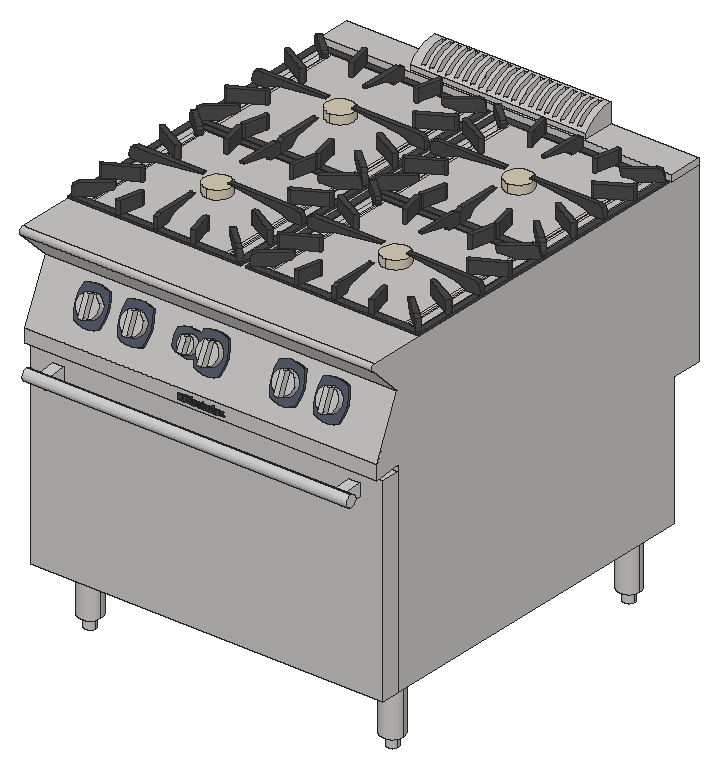
Revit family "QF_ELECTROLUXPROFESSIONAL_391461_E9AAKABBMEE", category Attrezzature speciali, Revit 2018
Family settings
  Quota connettore circolare = Usa diametro
  Tipo di parte = Normale
  Basato su piano di lavoro = No
  Sempre verticale = Sì
  Taglio con vuoti quando caricato = No
  Condiviso = No
  Punto di calcolo locali = No
Parameters (values of type "Standard")
  Weight = 155.00 kg
  Watts = 0 W
  Volts = 0 V
  URL Manufacturer = "https://www.electroluxprofessional.com/"
  URL = "https://www.electroluxprofessional.com/"
  Steam Supply Size = 0"
  Steam Supply Minimum Pressure = 0.00 psi
  Steam Supply Maximum Pressure = 0.00 psi
  Steam Consumption per Hour = 0
  Show Logo [instance] = yes
  Show Clearance [instance] = yes
  Refrigeration Suction Line Size = 0 mm
  Refrigeration Liquid Line Size = 0 mm
  Refrigerant Compressor Remote = yes
  Phase = 0
  Modello = "E9AAKABBMEE"
  Produttore = "Electrolux Professional"
  Length Actual = 800 mm  # constant formula
  Item Number = "391461"
  Hot Water Size = 0"
  Height Actual = 850 mm  # constant formula
  HP = "0 HP"
  Gas Size = 1/2"
  Gas KW = 32.5
  Gas Input Pressure = 1.13485 Btu/h
  Direct Waste Size = 0"
  Descrizione = "4-BURNER (6KW) GAS RANGE+GAS OVEN 800MM - 3MM WORKTOP"
  Depth Actual = 930 mm  # constant formula
  Cycle = 0 Hz
  Condensate Return Size = 0"
  Compressed Air Volume = 0 GPM
  Compressed Air Size = 0"
  Compressed Air Pressure = 0.00 psi
  Cold Water Size = 0"
  Accessory = yes
Values of the unnamed type that differ from the named types
  Weight = 0.00 kg
  URL Manufacturer = ""
  Item Number = ""
  HP = ""
  Gas KW = 0
  Gas Input Pressure = 0.0 Btu/h
Reference planes
  plane 1 "BACK": y = 0
  plane 2: z = 0
  plane 3 "LEFT": x = 0
  plane 4 "RIGHT": x = 800.1
  plane 5 "FRONT": y = -930.275
  plane 6 "TOP": z = 908
  plane 7 "Center Y": x = 400.05
  plane 8 "Center X": y = -465.137
  plane 9: z = 149.225
  plane 10: z = 1397
  plane 11: y = -80.962
  plane 12: z = 850
  plane 13: x = 56
  plane 14: y = -128
  plane 15: y = -801.687
  plane 16: y = -665.163
  plane 17: y = -1309
  plane 18: y = -576
  plane 19: x = 744.1
Forms (mm)
  Extrusion 1, solid, material "QF_Finishes_Stainless Steel"
    sketch origin (0, 0, 0) x (0, 1, 0) y (0, 0, 1)
      loop
        line (0, 449.262) -> (0, 850) -> (-922.302, 850)
        arc (-922.302, 850) -> (-930.275, 844.673) -> (-928.404, 835.268) r 8.63
        line (-928.404, 835.268) -> (-859.069, 765.933) -> (-916.765, 640.576) -> (-916.765, 609.279) -> (-856.641, 613.975)
        arc (-856.641, 613.975) -> (-854.117, 613.227) -> (-853.025, 610.831) r 3.175
        line (-853.025, 610.831) -> (-853.025, 149.225) -> (-71.438, 149.225) -> (-71.437, 449.263) -> (0, 449.262)
    from 0 to 800.1
  Revolve 2, solid, material "QF_Finishes_Stainless Steel"
    sketch origin (0, -801.687, 611.731) x (0, 0, -1) y (1, 0, 0)
      loop
        line (462.506, 56) -> (462.506, 30.6) -> (586.331, 30.6) -> (586.331, 43.3) -> (611.731, 43.3) -> (611.731, 56) -> (462.506, 56)
      axis (611.731, 56) -> (462.506, 56)
    angle from 0 to 360
  Revolve 3, solid, material "QF_Finishes_Stainless Steel"
    sketch origin (800.1, -801.687, 611.731) x (0, 0, -1) y (1, 0, 0)
      loop
        line (462.506, -55.562) -> (611.731, -55.562) -> (611.731, -42.862) -> (586.331, -42.862) -> (586.331, -30.162) -> (462.506, -30.162) -> (462.506, -55.562)
      axis (611.731, -55.562) -> (462.506, -55.562)
    angle from 0 to 360
  Revolve 4, solid, material "QF_Finishes_Stainless Steel"
    sketch origin (800.1, -128.588, 611.731) x (0, 0, -1) y (1, 0, 0)
      loop
        line (462.506, -55.562) -> (611.731, -55.562) -> (611.731, -42.862) -> (586.331, -42.862) -> (586.331, -30.162) -> (462.506, -30.162) -> (462.506, -55.562)
      axis (611.731, -55.562) -> (462.506, -55.562)
    angle from 0 to 360
  Revolve 5, solid, material "QF_Finishes_Stainless Steel"
    sketch origin (111.125, -128.588, 611.731) x (0, 0, -1) y (1, 0, 0)
      loop
        line (462.506, -55.125) -> (611.731, -55.125) -> (611.731, -42.425) -> (586.331, -42.425) -> (586.331, -29.725) -> (462.506, -29.725) -> (462.506, -55.125)
      axis (611.731, -55.125) -> (462.506, -55.125)
    angle from 0 to 360
  Extrusion 6, solid, material "QF_Finishes_Stainless Steel"
    sketch origin (0, 0, 0) x (0, 1, 0) y (0, 0, 1)
      loop
        line (0, 850) -> (0, 864.288) -> (-76.2, 864.288) -> (-76.2, 850) -> (0, 850)
    from 0 to 800.1
  Extrusion 7, void
    sketch origin (-65.011, 0, 865.138) x (-1, 0, 0) y (0, -1, 0)
      loop
        line (-295.005, 6.761) -> (-285.709, 6.761) -> (-285.709, 63.911) -> (-295.005, 63.911) -> (-295.005, 6.761)
      loop
        line (-313.697, 6.761) -> (-304.401, 6.761) -> (-304.401, 63.911) -> (-313.697, 63.911) -> (-313.697, 6.761)
      loop
        line (-332.39, 6.761) -> (-323.094, 6.761) -> (-323.094, 63.911) -> (-332.39, 63.911) -> (-332.39, 6.761)
      loop
        line (-351.082, 6.761) -> (-341.787, 6.761) -> (-341.787, 63.911) -> (-351.082, 63.911) -> (-351.082, 6.761)
      loop
        line (-369.775, 6.761) -> (-360.479, 6.761) -> (-360.479, 63.911) -> (-369.775, 63.911) -> (-369.775, 6.761)
      loop
        line (-388.468, 6.761) -> (-379.172, 6.761) -> (-379.172, 63.911) -> (-388.468, 63.911) -> (-388.468, 6.761)
      loop
        line (-407.16, 6.761) -> (-397.864, 6.761) -> (-397.864, 63.911) -> (-407.16, 63.911) -> (-407.16, 6.761)
      loop
        line (-425.853, 6.761) -> (-416.557, 6.761) -> (-416.557, 63.911) -> (-425.853, 63.911) -> (-425.853, 6.761)
      loop
        line (-444.545, 6.761) -> (-435.25, 6.761) -> (-435.25, 63.911) -> (-444.545, 63.911) -> (-444.545, 6.761)
      loop
        line (-463.238, 6.761) -> (-453.942, 6.761) -> (-453.942, 63.911) -> (-463.238, 63.911) -> (-463.238, 6.761)
      loop
        line (-481.931, 6.761) -> (-472.635, 6.761) -> (-472.635, 63.911) -> (-481.931, 63.911) -> (-481.931, 6.761)
      loop
        line (-500.623, 6.761) -> (-491.328, 6.761) -> (-491.328, 63.911) -> (-500.623, 63.911) -> (-500.623, 6.761)
      loop
        line (-519.316, 6.761) -> (-510.02, 6.761) -> (-510.02, 63.911) -> (-519.316, 63.911) -> (-519.316, 6.761)
      loop
        line (-538.008, 6.761) -> (-528.713, 6.761) -> (-528.713, 63.911) -> (-538.008, 63.911) -> (-538.008, 6.761)
      loop
        line (-556.701, 6.761) -> (-547.405, 6.761) -> (-547.405, 63.911) -> (-556.701, 63.911) -> (-556.701, 6.761)
      loop
        line (-575.394, 6.761) -> (-566.098, 6.761) -> (-566.098, 63.911) -> (-575.394, 63.911) -> (-575.394, 6.761)
      loop
        line (-594.086, 6.761) -> (-584.791, 6.761) -> (-584.791, 63.911) -> (-594.086, 63.911) -> (-594.086, 6.761)
      loop
        line (-612.779, 6.761) -> (-603.483, 6.761) -> (-603.483, 63.911) -> (-612.779, 63.911) -> (-612.779, 6.761)
      loop
        line (-631.472, 6.761) -> (-622.176, 6.761) -> (-622.176, 63.911) -> (-631.472, 63.911) -> (-631.472, 6.761)
      loop
        line (-650.164, 6.761) -> (-640.868, 6.761) -> (-640.868, 63.911) -> (-650.164, 63.911) -> (-650.164, 6.761)
    from 9.525 to 45.348
  Extrusion 8, solid, material "QF_Finishes_Stainless Steel"
    sketch origin (400.05, 175.397, 1219.2) x (0, 1, 0) y (0, 0, 1)
      loop
        line (-175.397, -354.912) -> (-175.397, -311.2)
        arc (-175.397, -311.2) -> (-214.469, -319.821) -> (-245.247, -345.387) r 84.854
        line (-245.247, -345.387) -> (-245.247, -354.912) -> (-175.397, -354.912)
    from -200.05 to 199.95
  Extrusion 9, solid, material "QF_Finishes_Navy Blue"
    sketch origin (0, -890.928, 697.612) x (0, -0.418102, -0.9084) y (1, 0, 0)
      loop
        arc (-53.776, 198.651) -> (-18.194, 191.027) -> (17.514, 198.034) r 90.5
        arc (17.514, 198.034) -> (24.34, 227.222) -> (17.514, 256.409) r 65.817
        arc (17.514, 256.409) -> (-18.193, 263.369) -> (-53.776, 255.797) r 91.066
        arc (-53.776, 255.797) -> (-60.332, 227.224) -> (-53.776, 198.651) r 65.546
      loop
        arc (-53.776, 98.651) -> (-18.194, 91.027) -> (17.514, 98.034) r 90.5
        arc (17.514, 98.034) -> (24.34, 127.222) -> (17.514, 156.409) r 65.817
        arc (17.514, 156.409) -> (-18.193, 163.369) -> (-53.776, 155.797) r 91.066
        arc (-53.776, 155.797) -> (-60.332, 127.224) -> (-53.776, 98.651) r 65.546
      loop
        arc (-53.776, 601.786) -> (-60.332, 573.214) -> (-53.776, 544.641) r 65.546
        arc (-53.776, 544.641) -> (-18.193, 537.068) -> (17.514, 544.028) r 91.066
        arc (17.514, 544.028) -> (24.34, 573.216) -> (17.514, 602.404) r 65.817
        arc (17.514, 602.404) -> (-18.194, 609.411) -> (-53.776, 601.786) r 90.5
      loop
        arc (-53.776, 701.786) -> (-60.332, 673.214) -> (-53.776, 644.641) r 65.546
        arc (-53.776, 644.641) -> (-18.193, 637.068) -> (17.514, 644.028) r 91.066
        arc (17.514, 644.028) -> (24.34, 673.216) -> (17.514, 702.404) r 65.817
        arc (17.514, 702.404) -> (-18.194, 709.411) -> (-53.776, 701.786) r 90.5
      loop
        arc (-40.159, 316.707) -> (-21.848, 313.911) -> (-3.351, 314.901) r 90.5
        arc (-3.351, 314.901) -> (6.915, 339.94) -> (6.238, 366.994) r 65.817
        arc (6.238, 366.994) -> (11.94, 368.741) -> (17.514, 370.86) r 90.5
        arc (17.514, 370.86) -> (24.34, 400.048) -> (17.514, 429.235) r 65.817
        arc (17.514, 429.235) -> (-18.193, 436.195) -> (-53.776, 428.623) r 91.066
        arc (-53.776, 428.623) -> (-60.332, 400.05) -> (-53.776, 371.477) r 65.546
        arc (-53.776, 371.477) -> (-49.379, 369.684) -> (-44.894, 368.124) r 90.5
        arc (-44.894, 368.124) -> (-47.802, 341.929) -> (-40.159, 316.707) r 65.546
    from 0 to 3.175
  Extrusion 10, solid, material "QF_Finishes_Stainless Steel"
    sketch origin (0, -893.812, 698.94) x (0, -0.418102, -0.9084) y (1, 0, 0)
      loop
        circle (-18.131, 227.457) r 25.4
      loop
        circle (-18.131, 127.457) r 25.4
      loop
        circle (-18.131, 572.543) r 25.4
      loop
        circle (-18.131, 672.543) r 25.4
      loop
        circle (-18.131, 349.957) r 19.05
      loop
        circle (-18.131, 400.05) r 25.4
    from 0 to 12.7
  Extrusion 11, solid, material "QF_Finishes_Stainless Steel"
    sketch origin (0, -905.349, 704.25) x (0, -0.418102, -0.9084) y (1, 0, 0)
      loop
        arc (-42.863, 233.243) -> (-43.531, 227.457) -> (-42.863, 221.671) r 25.4
        line (-42.863, 221.671) -> (6.601, 221.671)
        arc (6.601, 221.671) -> (7.269, 227.457) -> (6.601, 233.243) r 25.4
        line (6.601, 233.243) -> (-42.863, 233.243)
      loop
        arc (-42.863, 133.243) -> (-43.531, 127.457) -> (-42.863, 121.671) r 25.4
        line (-42.863, 121.671) -> (6.601, 121.671)
        arc (6.601, 121.671) -> (7.269, 127.457) -> (6.601, 133.243) r 25.4
        line (6.601, 133.243) -> (-42.863, 133.243)
      loop
        arc (-34.426, 356.459) -> (-35.24, 350.69) -> (-34.719, 344.887) r 25.4
        line (-34.719, 344.887) -> (-2.956, 344.887)
        arc (-2.956, 344.887) -> (-2.067, 350.647) -> (-2.515, 356.459) r 25.4
        line (-2.515, 356.459) -> (-34.426, 356.459)
      loop
        arc (-42.863, 579.675) -> (-43.531, 573.889) -> (-42.863, 568.102) r 25.4
        line (-42.863, 568.102) -> (6.601, 568.102)
        arc (6.601, 568.102) -> (7.269, 573.889) -> (6.601, 579.675) r 25.4
        line (6.601, 579.675) -> (-42.863, 579.675)
      loop
        arc (-42.863, 679.675) -> (-43.531, 673.889) -> (-42.863, 668.102) r 25.4
        line (-42.863, 668.102) -> (6.601, 668.102)
        arc (6.601, 668.102) -> (7.269, 673.889) -> (6.601, 679.675) r 25.4
        line (6.601, 679.675) -> (-42.863, 679.675)
      loop
        arc (-42.863, 405.836) -> (-43.531, 400.05) -> (-42.863, 394.264) r 25.4
        line (-42.863, 394.264) -> (6.601, 394.264)
        arc (6.601, 394.264) -> (7.269, 400.05) -> (6.601, 405.836) r 25.4
        line (6.601, 405.836) -> (-42.863, 405.836)
    from 0 to 12.7
  Extrusion 12, solid, material "QF_Finishes_Navy Blue", visible <- "Show Logo"
    sketch origin (0, -916.765, 609.279) x (0, 0, 1) y (-1, 0, 0)
      loop
        line (21.268, -357.807) -> (8.901, -357.807)
        arc (8.901, -357.807) -> (15.085, -362.379) -> (21.268, -357.807) r 6.467
      loop
        arc (21.268, -357.178) -> (20.099, -352.035) -> (15.443, -349.557) r 6.338
        line (15.443, -349.557) -> (15.443, -351.603)
        arc (15.443, -351.603) -> (16.927, -355.258) -> (20.372, -357.178) r 5.941
        line (20.372, -357.178) -> (21.268, -357.178)
      loop
        arc (9.797, -357.178) -> (13.242, -355.258) -> (14.726, -351.603) r 5.941
        line (14.726, -351.603) -> (14.726, -349.557)
        arc (14.726, -349.557) -> (10.032, -352.031) -> (8.742, -357.178) r 6.504
        line (8.742, -357.178) -> (9.797, -357.178)
      loop
        line (21.943, -349.088) -> (8.198, -349.088) -> (8.198, -362.851) -> (21.943, -362.851) -> (21.943, -349.088)
      loop
        arc (22.026, -365.819) -> (21.679, -365.461) -> (21.312, -365.799) r 0.358
        arc (21.312, -365.799) -> (20.997, -366.549) -> (20.281, -366.934) r 1.216
        line (20.281, -366.934) -> (9.868, -366.934)
        arc (9.868, -366.934) -> (9.208, -366.657) -> (8.812, -366.06) r 1.238
        arc (8.812, -366.06) -> (8.417, -365.809) -> (8.112, -366.163) r 0.358
        line (8.112, -366.163) -> (8.112, -376.042) -> (10.863, -376.042) -> (10.863, -375.145)
        arc (10.863, -375.145) -> (9.954, -374.565) -> (9.498, -373.588) r 1.928
        line (9.498, -373.588) -> (9.498, -371.089)
        arc (9.498, -371.089) -> (9.774, -370.36) -> (10.462, -369.996) r 1.101
        line (10.462, -369.996) -> (14.549, -369.996) -> (14.549, -373.67)
        arc (14.549, -373.67) -> (14.196, -374.167) -> (13.631, -374.395) r 1.083
        arc (13.631, -374.395) -> (13.367, -374.7) -> (13.659, -374.978) r 0.292
        line (13.659, -374.978) -> (16.621, -374.978)
        arc (16.621, -374.978) -> (16.924, -374.705) -> (16.686, -374.375) r 0.305
        arc (16.686, -374.375) -> (16.195, -374.127) -> (15.89, -373.67) r 1.083
        line (15.89, -373.67) -> (15.89, -369.996) -> (20.567, -369.996) -> (20.567, -373.744)
        arc (20.567, -373.744) -> (20.353, -374.499) -> (19.747, -374.997) r 1.314
        arc (19.747, -374.997) -> (19.527, -375.401) -> (19.882, -375.694) r 0.361
        line (19.882, -375.694) -> (22.026, -375.694) -> (22.026, -365.819)
      loop
        arc (21.309, -376.474) -> (20.928, -377.393) -> (20.01, -377.773) r 1.299
        line (20.01, -377.773) -> (10.431, -377.773)
        arc (10.431, -377.773) -> (9.593, -377.395) -> (9.321, -376.517) r 1.118
        line (9.321, -376.517) -> (8.112, -376.517) -> (8.112, -381.867) -> (9.3, -381.867)
        arc (9.3, -381.867) -> (9.572, -380.95) -> (10.442, -380.554) r 1.153
        line (10.442, -380.554) -> (22.514, -380.554) -> (21.309, -376.474)
      loop
        line (13.077, -384.503) -> (13.077, -390.951) -> (13.876, -390.951)
        arc (13.876, -390.951) -> (16.456, -389.966) -> (17.725, -387.513) r 3.874
        line (17.725, -387.513) -> (17.725, -385.752)
        arc (17.725, -385.752) -> (16.538, -382.887) -> (13.674, -381.701) r 4.051
        line (13.674, -381.701) -> (11.666, -381.701)
        arc (11.666, -381.701) -> (8.847, -383.186) -> (7.795, -386.193) r 4.352
        arc (7.795, -386.193) -> (8.16, -388.656) -> (9.537, -390.73) r 5.713
        line (9.537, -390.73) -> (10.486, -390.73)
        arc (10.486, -390.73) -> (9.754, -389.161) -> (9.537, -387.443) r 5.579
        arc (9.537, -387.443) -> (10.331, -385.48) -> (12.21, -384.503) r 3.057
        line (12.21, -384.503) -> (13.077, -384.503)
      loop
        line (14.336, -384.503) -> (14.336, -388.085)
        arc (14.336, -388.085) -> (15.793, -388.133) -> (16.676, -386.973) r 1.59
        line (16.676, -386.973) -> (16.676, -386.143)
        arc (16.676, -386.143) -> (15.811, -384.888) -> (14.336, -384.503) r 2.184
      loop
        arc (17.127, -400.368) -> (17.616, -398.694) -> (17.773, -396.957) r 9.023
        line (17.773, -396.957) -> (17.773, -395.595)
        arc (17.773, -395.595) -> (16.614, -392.795) -> (13.814, -391.636) r 3.959
        line (13.814, -391.636) -> (11.214, -391.636)
        arc (11.214, -391.636) -> (8.932, -392.928) -> (7.815, -395.301) r 4.331
        line (7.815, -395.301) -> (7.815, -397.436)
        arc (7.815, -397.436) -> (8.323, -398.986) -> (9.245, -400.332) r 5.772
        arc (9.245, -400.332) -> (10.006, -400.383) -> (10.093, -399.624) r 0.553
        arc (10.093, -399.624) -> (9.705, -398.89) -> (9.571, -398.071) r 2.573
        line (9.571, -398.071) -> (9.571, -396.556)
        arc (9.571, -396.556) -> (10.577, -394.915) -> (12.392, -394.272) r 2.884
        line (12.392, -394.272) -> (13.67, -394.272)
        arc (13.67, -394.272) -> (15.492, -394.832) -> (16.418, -396.497) r 2.554
        line (16.418, -396.497) -> (16.418, -397.55)
        arc (16.418, -397.55) -> (16.087, -398.478) -> (15.43, -399.213) r 2.564
        arc (15.43, -399.213) -> (15.208, -399.93) -> (15.817, -400.368) r 0.643
        line (15.817, -400.368) -> (17.127, -400.368)
      loop
        line (16.109, -400.638) -> (16.109, -402.139) -> (10.061, -402.139)
        arc (10.061, -402.139) -> (8.473, -402.797) -> (7.815, -404.385) r 2.246
        line (7.815, -404.385) -> (7.815, -405.969)
        arc (7.815, -405.969) -> (8.129, -406.834) -> (8.629, -407.605) r 4.06
        arc (8.629, -407.605) -> (9.362, -407.738) -> (9.613, -407.037) r 0.576
        arc (9.613, -407.037) -> (9.507, -406.512) -> (9.571, -405.979) r 1.69
        arc (9.571, -405.979) -> (10.113, -405.191) -> (11.019, -404.888) r 1.506
        line (11.019, -404.888) -> (16.157, -404.888) -> (16.157, -407.285) -> (16.713, -407.842) -> (17.535, -407.842) -> (17.535, -404.982) -> (20.766, -404.982) -> (16.109, -400.638)
      loop
        line (8.032, -408.739) -> (8.032, -414.126) -> (9.142, -414.126)
        arc (9.142, -414.126) -> (9.536, -413.175) -> (10.487, -412.781) r 1.345
        line (10.487, -412.781) -> (14.103, -412.781)
        arc (14.103, -412.781) -> (14.868, -413.373) -> (15.157, -414.295) r 1.615
        line (15.157, -414.295) -> (15.157, -415.851) -> (17.713, -416.536) -> (17.713, -415.153) -> (15.771, -412.594) -> (17.651, -412.594) -> (17.367, -409.888)
        arc (17.367, -409.888) -> (16.927, -409.358) -> (16.268, -409.559) r 0.621
        arc (16.268, -409.559) -> (15.868, -409.901) -> (15.374, -410.084) r 1.501
        line (15.374, -410.084) -> (10.487, -410.084)
        arc (10.487, -410.084) -> (9.536, -409.69) -> (9.142, -408.739) r 1.345
        line (9.142, -408.739) -> (8.032, -408.739)
      loop
        line (14.134, -416.073) -> (11.442, -416.073)
        arc (11.442, -416.073) -> (8.996, -417.381) -> (7.863, -419.912) r 4.288
        arc (7.863, -419.912) -> (7.799, -421.292) -> (7.863, -422.672) r 15.022
        arc (7.863, -422.672) -> (8.996, -425.203) -> (11.442, -426.51) r 4.288
        line (11.442, -426.51) -> (14.134, -426.51)
        arc (14.134, -426.51) -> (16.579, -425.203) -> (17.713, -422.672) r 4.288
        arc (17.713, -422.672) -> (17.777, -421.292) -> (17.713, -419.912) r 15.022
        arc (17.713, -419.912) -> (16.579, -417.381) -> (14.134, -416.073) r 4.288
      loop
        line (14.339, -419.187) -> (11.237, -419.187)
        arc (11.237, -419.187) -> (9.08, -421.344) -> (11.237, -423.501) r 2.157
        line (11.237, -423.501) -> (14.339, -423.501)
        arc (14.339, -423.501) -> (16.496, -421.344) -> (14.339, -419.187) r 2.157
      loop
        arc (21.32, -426.369) -> (20.949, -427.263) -> (20.055, -427.633) r 1.264
        line (20.055, -427.633) -> (10.191, -427.633)
        arc (10.191, -427.633) -> (9.321, -427.236) -> (9.049, -426.32) r 1.153
        line (9.049, -426.32) -> (8.112, -426.32) -> (8.112, -431.428) -> (9.04, -431.428)
        arc (9.04, -431.428) -> (9.399, -430.656) -> (10.191, -430.341) r 1.153
        line (10.191, -430.341) -> (22.514, -430.341) -> (21.32, -426.369)
      loop
        arc (16.44, -430.966) -> (16.241, -432.03) -> (15.272, -432.512) r 1.215
        line (15.272, -432.512) -> (10.252, -432.512)
        arc (10.252, -432.512) -> (8.637, -433.16) -> (7.916, -434.743) r 2.338
        line (7.916, -434.743) -> (7.916, -436.257)
        arc (7.916, -436.257) -> (8.091, -437.261) -> (8.593, -438.147) r 2.979
        line (8.593, -438.147) -> (8.112, -439.944) -> (8.112, -441.633) -> (17.537, -441.633) -> (17.243, -437.429) -> (16.457, -437.429)
        arc (16.457, -437.429) -> (16.101, -438.265) -> (15.349, -438.774) r 1.605
        line (15.349, -438.774) -> (10.246, -438.774)
        arc (10.246, -438.774) -> (9.826, -437.837) -> (9.753, -436.813) r 2.94
        arc (9.753, -436.813) -> (10.314, -435.712) -> (11.467, -435.269) r 1.724
        line (11.467, -435.269) -> (17.664, -435.269) -> (16.44, -430.966)
      loop
        line (17.468, -442.486) -> (15.796, -444.532) -> (12.622, -446.838) -> (9.166, -443.726)
        arc (9.166, -443.726) -> (8.928, -443.332) -> (8.951, -442.873) r 0.789
        line (8.951, -442.873) -> (8.112, -442.873) -> (8.112, -446.418) -> (8.938, -446.418)
        arc (8.938, -446.418) -> (9.28, -446.056) -> (9.77, -446.148) r 0.52
        line (9.77, -446.148) -> (11.57, -447.619) -> (9.452, -448.995)
        arc (9.452, -448.995) -> (9.051, -448.685) -> (8.964, -448.185) r 0.7
        line (8.964, -448.185) -> (8.112, -448.185) -> (8.112, -454.112) -> (8.998, -454.112)
        arc (8.998, -454.112) -> (9.065, -453.453) -> (9.46, -452.922) r 1.247
        line (9.46, -452.922) -> (13.66, -449.641) -> (16.107, -451.694) -> (17.468, -453.436) -> (17.468, -449.713) -> (15.983, -450.135) -> (14.462, -448.858) -> (16.162, -447.668) -> (17.468, -448.445) -> (17.468, -442.486)
    from 0 to 1.644
  Extrusion 13, solid, material "QF_Finishes_Stainless Steel"
    sketch origin (0, -853.025, 610.831) x (0, 0, -1) y (1, 0, 0)
      loop
        line (460.831, 0) -> (460.831, 800) -> (9.61, 800) -> (9.61, 0) -> (460.831, 0)
    from 3.175 to 46.663
  Extrusion 14, solid, material "QF_Finishes_Handrails and Railings"
    sketch origin (50.8, -1053.827, 150) x (0, 0, 1) y (0, 1, 0)
      loop
        circle (420.409, 103.146) r 12.7
    from 19.875 to -718.375
  Extrusion 15, solid, material "QF_Finishes_Handrails and Railings"
    sketch origin (800, -1053.827, 150) x (0, 0, 1) y (0, -1, 0)
      loop
        line (429.101, -153.025) -> (426.396, -114.347)
        arc (426.396, -114.347) -> (412.589, -113.153) -> (408.093, -100.044) r 12.7
        arc (408.093, -100.044) -> (407.276, -100.585) -> (406.501, -101.183) r 13.441
        arc (406.501, -101.183) -> (405.055, -102.989) -> (404.435, -105.216) r 5.77
        line (404.435, -105.216) -> (401.092, -153.025) -> (429.101, -153.025)
    from -50.7 to -76.1
  Extrusion 16, solid, material "QF_Finishes_Handrails and Railings"
    sketch origin (0.1, -1053.827, 150) x (0, 0, 1) y (0, 1, 0)
      loop
        line (429.101, 153.025) -> (401.092, 153.025) -> (404.435, 105.216)
        arc (404.435, 105.216) -> (405.055, 102.989) -> (406.501, 101.183) r 5.77
        arc (406.501, 101.183) -> (407.276, 100.585) -> (408.093, 100.044) r 13.441
        arc (408.093, 100.044) -> (412.589, 113.153) -> (426.396, 114.347) r 12.7
        line (426.396, 114.347) -> (429.101, 153.025)
    from -50.7 to -76.1
  Extrusion 17, solid, material "QF_Door-Drawer Clearances", visible <- "Show Clearance", detail levels coarse
    sketch origin (800, -853.025, 150) x (0, 0, 1) y (0, -1, 0)
      loop
        line (0, 455.975) -> (0, 46.663) -> (451.218, 46.663)
        arc (451.218, 46.663) -> (305.577, 339.474) -> (0, 455.975) r 449.286
    from 0 to -800
  Extrusion 18, solid, material "QF_Finishes_Stainless Steel"
    sketch origin (0, -853.025, 149.225) x (1, 0, 0) y (0, -1, 0)
      loop
        circle (749.3, -187.862) r 6.4
      loop
        circle (757.1, -277.025) r 6.4
    from 0 to 20.638
  Extrusion 19, solid, material "QF_Clearances", visible <- "Show Clearance", detail levels coarse
    sketch origin (0, 0, 0) x (1, 0, 0) y (0, 1, 0)
      loop
        line (-100.013, -930.275) -> (0, -930.275) -> (0, 0) -> (800.1, 0) -> (800.1, -930.275) -> (900.113, -930.275) -> (900.113, 100.013) -> (-100.013, 100.013) -> (-100.013, -930.275)
    from 0 to 908
Cuts and joins
  Extrusion 7 cuts Extrusion 8
Lines and regions (mm)
  symbolic lines, style "QF_Clearances", visible <- "Show Clearance", detail levels coarse
    curve 1: line (-100.013, -930.275, 0) -> (-100.012, 100.013, 0)
    curve 2: line (-100.013, 100.013, 0) -> (900.113, 100.013, 0)
    curve 3: line (900.113, 100.013, 0) -> (900.113, -929.879, 0)
  symbolic lines
    curve 4: line (0, 0, 0) -> (800.1, 0, 0)
    curve 5: line (800.1, 0, 0) -> (800.1, -930.275, 0)
    curve 6: line (0, -930.275, 0) -> (0, 0, 0)
    curve 7: line (0, -76.2, 0) -> (800.1, -76.2, 0)
    curve 8: line (0, -930.275, 0) -> (800.1, -930.275, 0)
    curve 12: line (769.175, -963.381, 0) -> (30.925, -963.381, 0)
    curve 13: line (30.925, -963.381, 0) -> (30.925, -937.981, 0)
    curve 14: line (769.175, -963.381, 0) -> (769.175, -937.981, 0)
    curve 15: line (769.175, -937.981, 0) -> (749.3, -937.981, 0)
    curve 16: line (749.3, -953.783, 0) -> (749.3, -930.275, 0)
    curve 17: line (723.9, -953.783, 0) -> (723.9, -930.275, 0)
    curve 18: line (723.9, -937.981, 0) -> (76.2, -937.981, 0)
    curve 19: line (30.925, -937.981, 0) -> (50.8, -937.981, 0)
    curve 20: line (50.8, -930.275, 0) -> (50.8, -953.783, 0)
    curve 21: line (50.8, -953.783, 0) -> (76.2, -953.783, 0)
    curve 22: line (76.2, -953.783, 0) -> (76.2, -930.275, 0)
    curve 23: line (749.3, -953.783, 0) -> (723.9, -953.783, 0)
    curve 24: line (200, -69.85, 0) -> (200, 0, 0)
    curve 25: line (200, -69.85, 0) -> (600, -69.85, 0)
    curve 26: line (600, -69.85, 0) -> (600, 0, 0)
    curve 27: line (585.153, -6.761, 0) -> (585.153, -63.911, 0)
    curve 28: line (585.153, -63.911, 0) -> (575.857, -63.911, 0)
    curve 29: line (575.857, -63.911, 0) -> (575.857, -6.761, 0)
    curve 30: line (575.857, -6.761, 0) -> (585.153, -6.761, 0)
    curve 31: line (566.461, -6.761, 0) -> (566.461, -63.911, 0)
    curve 32: line (566.461, -63.911, 0) -> (557.165, -63.911, 0)
    curve 33: line (557.165, -63.911, 0) -> (557.165, -6.761, 0)
    curve 34: line (557.165, -6.761, 0) -> (566.461, -6.761, 0)
    curve 35: line (547.768, -6.761, 0) -> (547.768, -63.911, 0)
    curve 36: line (547.768, -63.911, 0) -> (538.472, -63.911, 0)
    curve 37: line (538.472, -63.911, 0) -> (538.472, -6.761, 0)
    curve 38: line (538.472, -6.761, 0) -> (547.768, -6.761, 0)
    curve 39: line (529.075, -6.761, 0) -> (529.075, -63.911, 0)
    curve 40: line (529.075, -63.911, 0) -> (519.78, -63.911, 0)
    curve 41: line (519.78, -63.911, 0) -> (519.78, -6.761, 0)
    curve 42: line (519.78, -6.761, 0) -> (529.075, -6.761, 0)
    curve 43: line (510.383, -6.761, 0) -> (510.383, -63.911, 0)
    curve 44: line (510.383, -63.911, 0) -> (501.087, -63.911, 0)
    curve 45: line (501.087, -63.911, 0) -> (501.087, -6.761, 0)
    curve 46: line (501.087, -6.761, 0) -> (510.383, -6.761, 0)
    curve 47: line (491.69, -6.761, 0) -> (491.69, -63.911, 0)
    curve 48: line (491.69, -63.911, 0) -> (482.394, -63.911, 0)
    curve 49: line (482.394, -63.911, 0) -> (482.394, -6.761, 0)
    curve 50: line (482.394, -6.761, 0) -> (491.69, -6.761, 0)
    curve 51: line (472.998, -6.761, 0) -> (472.998, -63.911, 0)
    curve 52: line (472.998, -63.911, 0) -> (463.702, -63.911, 0)
    curve 53: line (463.702, -63.911, 0) -> (463.702, -6.761, 0)
    curve 54: line (463.702, -6.761, 0) -> (472.998, -6.761, 0)
    curve 55: line (454.305, -6.761, 0) -> (454.305, -63.911, 0)
    curve 56: line (454.305, -63.911, 0) -> (445.009, -63.911, 0)
    curve 57: line (445.009, -63.911, 0) -> (445.009, -6.761, 0)
    curve 58: line (445.009, -6.761, 0) -> (454.305, -6.761, 0)
    curve 59: line (435.612, -6.761, 0) -> (435.612, -63.911, 0)
    curve 60: line (435.612, -63.911, 0) -> (426.317, -63.911, 0)
    curve 61: line (426.317, -63.911, 0) -> (426.317, -6.761, 0)
    curve 62: line (426.317, -6.761, 0) -> (435.612, -6.761, 0)
    curve 63: line (416.92, -6.761, 0) -> (416.92, -63.911, 0)
    curve 64: line (416.92, -63.911, 0) -> (407.624, -63.911, 0)
    curve 65: line (407.624, -63.911, 0) -> (407.624, -6.761, 0)
    curve 66: line (407.624, -6.761, 0) -> (416.92, -6.761, 0)
    curve 67: line (398.227, -6.761, 0) -> (398.227, -63.911, 0)
    curve 68: line (398.227, -63.911, 0) -> (388.931, -63.911, 0)
    curve 69: line (388.931, -63.911, 0) -> (388.931, -6.761, 0)
    curve 70: line (388.931, -6.761, 0) -> (398.227, -6.761, 0)
    curve 71: line (379.534, -6.761, 0) -> (379.534, -63.911, 0)
    curve 72: line (379.534, -63.911, 0) -> (370.239, -63.911, 0)
    curve 73: line (370.239, -63.911, 0) -> (370.239, -6.761, 0)
    curve 74: line (370.239, -6.761, 0) -> (379.534, -6.761, 0)
    curve 75: line (360.842, -6.761, 0) -> (360.842, -63.911, 0)
    curve 76: line (360.842, -63.911, 0) -> (351.546, -63.911, 0)
    curve 77: line (351.546, -63.911, 0) -> (351.546, -6.761, 0)
    curve 78: line (351.546, -6.761, 0) -> (360.842, -6.761, 0)
    curve 79: line (342.149, -6.761, 0) -> (342.149, -63.911, 0)
    curve 80: line (342.149, -63.911, 0) -> (332.854, -63.911, 0)
    curve 81: line (332.854, -63.911, 0) -> (332.854, -6.761, 0)
    curve 82: line (332.854, -6.761, 0) -> (342.149, -6.761, 0)
    curve 83: line (323.457, -6.761, 0) -> (323.457, -63.911, 0)
    curve 84: line (323.457, -63.911, 0) -> (314.161, -63.911, 0)
    curve 85: line (314.161, -63.911, 0) -> (314.161, -6.761, 0)
    curve 86: line (314.161, -6.761, 0) -> (323.457, -6.761, 0)
    curve 87: line (304.764, -6.761, 0) -> (304.764, -63.911, 0)
    curve 88: line (304.764, -63.911, 0) -> (295.468, -63.911, 0)
    curve 89: line (295.468, -63.911, 0) -> (295.468, -6.761, 0)
    curve 90: line (295.468, -6.761, 0) -> (304.764, -6.761, 0)
    curve 91: line (286.071, -6.761, 0) -> (286.071, -63.911, 0)
    curve 92: line (286.071, -63.911, 0) -> (276.776, -63.911, 0)
    curve 93: line (276.776, -63.911, 0) -> (276.776, -6.761, 0)
    curve 94: line (276.776, -6.761, 0) -> (286.071, -6.761, 0)
    curve 95: line (267.379, -6.761, 0) -> (267.379, -63.911, 0)
    curve 96: line (267.379, -63.911, 0) -> (258.083, -63.911, 0)
    curve 97: line (258.083, -63.911, 0) -> (258.083, -6.761, 0)
    curve 98: line (258.083, -6.761, 0) -> (267.379, -6.761, 0)
    curve 99: line (248.686, -6.761, 0) -> (248.686, -63.911, 0)
    curve 100: line (248.686, -63.911, 0) -> (239.39, -63.911, 0)
    curve 101: line (239.39, -63.911, 0) -> (239.39, -6.761, 0)
    curve 102: line (239.39, -6.761, 0) -> (248.686, -6.761, 0)
    curve 103: line (229.994, -6.761, 0) -> (229.994, -63.911, 0)
    curve 104: line (229.994, -63.911, 0) -> (220.698, -63.911, 0)
    curve 105: line (220.698, -63.911, 0) -> (220.698, -6.761, 0)
    curve 106: line (220.698, -6.761, 0) -> (229.994, -6.761, 0)
  symbolic lines, style "QF_Door-Drawer Clearances"
    curve 9: line (0, -930.275, 0) -> (0, -1309, 0)
    curve 10: line (0, -1309, 0) -> (800, -1309, 0)
    curve 11: line (800, -1309, 0) -> (800, -929, 0)
Dimensions and locks
  equal spacing: plane 3 "LEFT", plane 7 "Center Y", plane 4 "RIGHT"
  plane 3 "LEFT" to plane 4 "RIGHT" = 800.1 mm
  equal spacing: plane 5 "FRONT", plane 8 "Center X", plane 1 "BACK"
  plane 5 "FRONT" to plane 1 "BACK" = 930.275 mm  (x2)
  plane 6 "TOP" to plane 2 = 908 mm
  plane 9 to plane 2 = 149.225 mm  (x2)
  plane 10 to plane 6 "TOP" = 489 mm
  plane 10 to plane 2 = 1397 mm
  plane 10 to plane 9 = 1247.775 mm
  plane 6 "TOP" to plane 12 = 58 mm
  plane 12 to plane 2 = 850 mm
  plane 14 to plane 1 "BACK" = 128 mm
  plane 15 to plane 14 = 673.688 mm
  Extrusion 1 sketch curve to plane 1 "BACK" = 71.438 mm
  Extrusion 1 sketch curve to plane 9 = 300.038 mm
  Extrusion 18 sketch curve to plane 4 "RIGHT" = 50.8 mm
  Extrusion 18 sketch curve to plane 1 "BACK" = 665.163 mm
  Extrusion 18 to plane 2 = 128.588 mm
  plane 16 to plane 1 "BACK" = 665.163 mm
  Extrusion 1 to plane 1 "BACK" = 71.438 mm
  plane 9 to Extrusion 1 = 300.038 mm
  Extrusion 18 to plane 9 = 20.638 mm
  Extrusion 17 to plane 15 = 98 mm
  plane 17 to plane 1 "BACK" = 1309 mm
  Extrusion 17 to plane 1 "BACK" = 899.687 mm
  Extrusion 18 sketch curve to plane 4 "RIGHT" = 43 mm
  Extrusion 18 sketch curve to plane 1 "BACK" = 576 mm
  plane 18 to plane 1 "BACK" = 576 mm
  plane 3 "LEFT" to plane 13 to plane 19 to plane 4 "RIGHT" = 56 mm, 688.1 mm, 56 mm
  aligned and locked: level to plane 2
  aligned and locked: Extrusion 1 to plane 4 "RIGHT"
  aligned and locked: plane 15 to Revolve 2
  aligned and locked: Extrusion 6 to plane 4 "RIGHT"
  aligned and locked: Extrusion 17 to Extrusion 13
  aligned and locked: plane 6 "TOP" to Extrusion 19
Automatic sketch dimensions
  Extrusion 1 sketch curve to plane 12 = 0 mm
  Extrusion 1 sketch curve to plane 9 = 0 mm
  Extrusion 1 sketch curve to plane 1 "BACK" = 0 mm
  plane 15 to Extrusion 1 sketch curve = 51.337 mm
  Extrusion 1 sketch curve to Extrusion 1 sketch curve = 3.175 mm
  Extrusion 1 sketch curve to Extrusion 1 sketch curve = 0.442 mm
  Extrusion 1 sketch curve to plane 5 "FRONT" = 1.871 mm
  Extrusion 1 sketch curve to plane 12 = 240.721 mm
  Extrusion 1 sketch curve to Extrusion 1 sketch curve = 1.552 mm
  Extrusion 1 sketch curve to Extrusion 1 sketch curve = 31.298 mm
  Extrusion 1 sketch curve to plane 12 = 84.067 mm
  Extrusion 1 sketch curve to plane 12 = 14.732 mm
  plane 13 to Revolve 2 sketch curve = 0 mm  (x2)
  Revolve 2 sketch curve to plane 9 = 0 mm
  Revolve 2 sketch curve to level = 0 mm
  Revolve 2 sketch curve to Revolve 2 sketch curve = 32.525 mm
  Revolve 2 sketch curve to Revolve 2 sketch curve = 50.8 mm
  level to Revolve 2 sketch curve = 25.4 mm
  Revolve 2 sketch curve to Revolve 2 sketch curve = 12.7 mm  (x2)
  Revolve 3 sketch curve to plane 9 = 0 mm
  Revolve 3 sketch curve to level = 0 mm
  Revolve 3 sketch curve to Revolve 3 sketch curve = 32.525 mm
  Revolve 3 sketch curve to Revolve 3 sketch curve = 50.8 mm
  level to Revolve 3 sketch curve = 25.4 mm
  Revolve 3 sketch curve to Revolve 3 sketch curve = 12.7 mm
  Revolve 3 sketch curve to Revolve 3 sketch curve = 25.4 mm
  Revolve 4 sketch curve to plane 9 = 0 mm
  Revolve 4 sketch curve to level = 0 mm
  Revolve 4 sketch curve to Revolve 4 sketch curve = 32.525 mm
  Revolve 4 sketch curve to Revolve 4 sketch curve = 50.8 mm
  level to Revolve 4 sketch curve = 25.4 mm
  Revolve 4 sketch curve to Revolve 4 sketch curve = 12.7 mm
  Revolve 4 sketch curve to Revolve 4 sketch curve = 25.4 mm
  plane 13 to Revolve 5 sketch curve = 0 mm  (x2)
  Revolve 5 sketch curve to plane 9 = 0 mm
  Revolve 5 sketch curve to level = 0 mm
  Revolve 5 sketch curve to Revolve 5 sketch curve = 32.525 mm
  Revolve 5 sketch curve to Revolve 5 sketch curve = 50.8 mm
  level to Revolve 5 sketch curve = 25.4 mm
  Revolve 5 sketch curve to plane 13 = 12.7 mm
  Revolve 5 sketch curve to plane 13 = 25.4 mm
  Extrusion 6 sketch curve to plane 12 = 0 mm
  Extrusion 6 sketch curve to plane 1 "BACK" = 0 mm
  plane 11 to Extrusion 6 sketch curve = 4.763 mm
  plane 12 to Extrusion 6 sketch curve = 14.288 mm
  plane 11 to Extrusion 7 sketch curve = 17.052 mm  (x19)
  Extrusion 7 sketch curve to Extrusion 7 sketch curve = 9.296 mm  (x20)
  Extrusion 7 sketch curve to Extrusion 7 sketch curve = 9.397 mm  (x18)
  plane 7 "Center Y" to Extrusion 7 sketch curve = 7.574 mm
  Extrusion 7 sketch curve to plane 7 "Center Y" = 1.823 mm
  Extrusion 7 sketch curve to Extrusion 7 sketch curve = 0 mm
  plane 1 "BACK" to Extrusion 7 sketch curve = 6.761 mm  (x20)
  Extrusion 8 sketch curve to plane 1 "BACK" = 0 mm
  plane 1 "BACK" to Extrusion 8 sketch curve = 1.769 mm
  plane 11 to Extrusion 8 sketch curve = 11.113 mm
  Extrusion 8 sketch curve to plane 12 = 26.835 mm
  plane 12 to Extrusion 8 sketch curve = 14.288 mm
  Extrusion 8 sketch curve to Extrusion 8 sketch curve = 9.525 mm
  Extrusion 9 sketch curve to Extrusion 9 sketch curve = 0 mm  (x13)
  Extrusion 9 sketch curve to plane 7 "Center Y" = 0 mm
  Extrusion 9 sketch curve to plane 7 "Center Y" = 48.195 mm
  Extrusion 9 sketch curve to Extrusion 9 sketch curve = 4.038 mm  (x2)
  plane 7 "Center Y" to Extrusion 9 sketch curve = 28.573 mm
  Extrusion 9 sketch curve to plane 13 = 42.651 mm
  Extrusion 9 sketch curve to Extrusion 9 sketch curve = 8.882 mm
  Extrusion 9 sketch curve to Extrusion 9 sketch curve = 12.3 mm  (x14)
  Extrusion 9 sketch curve to plane 7 "Center Y" = 0.002 mm
  Extrusion 9 sketch curve to Extrusion 9 sketch curve = 17.655 mm
  Extrusion 9 sketch curve to Extrusion 9 sketch curve = 36.365 mm  (x6)
  Extrusion 9 sketch curve to plane 13 = 16.307 mm
  Extrusion 9 sketch curve to Extrusion 9 sketch curve = 22.748 mm
  Extrusion 9 sketch curve to Extrusion 9 sketch curve = 27.483 mm
  plane 7 "Center Y" to Extrusion 9 sketch curve = 4.252 mm
  Extrusion 9 sketch curve to Extrusion 9 sketch curve = 24.066 mm
  Extrusion 9 sketch curve to Extrusion 9 sketch curve = 14.06 mm
  Extrusion 9 sketch curve to Extrusion 9 sketch curve = 46.691 mm  (x4)
  Extrusion 9 sketch curve to Extrusion 9 sketch curve = 22.625 mm
  Extrusion 9 sketch curve to Extrusion 9 sketch curve = 23.649 mm
  Extrusion 9 sketch curve to Extrusion 9 sketch curve = 11.23 mm
  Extrusion 9 sketch curve to Extrusion 9 sketch curve = 11.276 mm
  plane 7 "Center Y" to Extrusion 9 sketch curve = 29.185 mm
  Extrusion 9 sketch curve to Extrusion 9 sketch curve = 25.727 mm  (x2)
  Extrusion 9 sketch curve to Extrusion 9 sketch curve = 28.57 mm  (x2)
  Extrusion 9 sketch curve to Extrusion 9 sketch curve = 9.217 mm  (x2)
  Extrusion 9 sketch curve to Extrusion 9 sketch curve = 16.51 mm  (x2)
  Extrusion 9 sketch curve to Extrusion 9 sketch curve = 17.128 mm
  Extrusion 9 sketch curve to Extrusion 9 sketch curve = 30.232 mm
  Extrusion 9 sketch curve to Extrusion 9 sketch curve = 64.564 mm
  Extrusion 9 sketch curve to Extrusion 9 sketch curve = 25.114 mm
  Extrusion 9 sketch curve to Extrusion 9 sketch curve = 29.185 mm  (x2)
  Extrusion 10 sketch curve to Extrusion 10 sketch curve = 0 mm  (x5)
  Extrusion 10 sketch curve to Extrusion 10 sketch curve = 100 mm  (x2)
  Extrusion 10 sketch curve to Extrusion 10 sketch curve = 122.5 mm
  Extrusion 10 sketch curve to Extrusion 10 sketch curve = 50.093 mm
  Extrusion 10 sketch curve to Extrusion 10 sketch curve = 172.493 mm
  Extrusion 11 sketch curve to Extrusion 11 sketch curve = 0 mm  (x10)
  Extrusion 11 sketch curve to Extrusion 11 sketch curve = 9.318 mm
  Extrusion 11 sketch curve to Extrusion 11 sketch curve = 6.977 mm
  Extrusion 11 sketch curve to Extrusion 11 sketch curve = 7.271 mm
  Extrusion 11 sketch curve to Extrusion 11 sketch curve = 24.732 mm  (x8)
  Extrusion 11 sketch curve to Extrusion 11 sketch curve = 17.6 mm
  Extrusion 11 sketch curve to Extrusion 11 sketch curve = 6.893 mm
  Extrusion 11 sketch curve to Extrusion 11 sketch curve = 7.334 mm
  Extrusion 11 sketch curve to Extrusion 11 sketch curve = 49.377 mm
  Extrusion 11 sketch curve to Extrusion 11 sketch curve = 5.159 mm
  Extrusion 11 sketch curve to Extrusion 11 sketch curve = 162.266 mm
  Extrusion 11 sketch curve to Extrusion 11 sketch curve = 5.786 mm  (x2)
  Extrusion 11 sketch curve to Extrusion 11 sketch curve = 88.428 mm
  Extrusion 12 sketch curve to Extrusion 1 = 2.755 mm
  Extrusion 12 sketch curve to Extrusion 1 = 7.795 mm
  Extrusion 12 sketch curve to Extrusion 1 = 7.815 mm  (x2)
  Extrusion 12 sketch curve to Extrusion 12 sketch curve = 5.108 mm  (x2)
  Extrusion 12 sketch curve to Extrusion 12 sketch curve = 0 mm  (x27)
  Extrusion 12 sketch curve to Extrusion 1 = 7.916 mm
  Extrusion 12 sketch curve to Extrusion 12 sketch curve = 0.218 mm
  Extrusion 12 sketch curve to Extrusion 12 sketch curve = 0.195 mm
  Extrusion 12 sketch curve to Extrusion 12 sketch curve = 0.249 mm
  Extrusion 12 sketch curve to Extrusion 1 = 8.112 mm
  Extrusion 12 sketch curve to Extrusion 12 sketch curve = 0.087 mm
  Extrusion 12 sketch curve to Extrusion 12 sketch curve = 0.358 mm
  Extrusion 12 sketch curve to Extrusion 12 sketch curve = 0.481 mm
  Extrusion 12 sketch curve to Extrusion 12 sketch curve = 0.597 mm
  Extrusion 12 sketch curve to Extrusion 12 sketch curve = 0.544 mm
  Extrusion 12 sketch curve to Extrusion 12 sketch curve = 0.936 mm
  Extrusion 12 sketch curve to Extrusion 12 sketch curve = 0.594 mm
  Extrusion 12 sketch curve to Extrusion 12 sketch curve = 0.343 mm
  Extrusion 12 sketch curve to Extrusion 12 sketch curve = 0.159 mm
  Extrusion 12 sketch curve to Extrusion 12 sketch curve = 0.826 mm
  Extrusion 12 sketch curve to Extrusion 12 sketch curve = 0.839 mm
  Extrusion 12 sketch curve to Extrusion 12 sketch curve = 0.852 mm
  Extrusion 12 sketch curve to Extrusion 12 sketch curve = 0.887 mm
  Extrusion 12 sketch curve to Extrusion 12 sketch curve = 0.928 mm
  Extrusion 12 sketch curve to Extrusion 12 sketch curve = 0.938 mm
  Extrusion 12 sketch curve to Extrusion 12 sketch curve = 0.444 mm
  Extrusion 12 sketch curve to Extrusion 12 sketch curve = 1.11 mm  (x3)
  Extrusion 12 sketch curve to Extrusion 12 sketch curve = 0.215 mm
  Extrusion 12 sketch curve to Extrusion 12 sketch curve = 1.43 mm
  Extrusion 12 sketch curve to Extrusion 12 sketch curve = 1.188 mm
  Extrusion 12 sketch curve to Extrusion 12 sketch curve = 1.21 mm  (x2)
  Extrusion 12 sketch curve to Extrusion 12 sketch curve = 0.503 mm
  Extrusion 12 sketch curve to Extrusion 12 sketch curve = 0.488 mm
  Extrusion 12 sketch curve to Extrusion 12 sketch curve = 0.462 mm
  Extrusion 12 sketch curve to Extrusion 12 sketch curve = 1.386 mm
  Extrusion 12 sketch curve to Extrusion 12 sketch curve = 1.742 mm  (x2)
  Extrusion 12 sketch curve to Extrusion 12 sketch curve = 0.821 mm
  Extrusion 12 sketch curve to Extrusion 12 sketch curve = 0.497 mm
  Extrusion 12 sketch curve to Extrusion 12 sketch curve = 0.539 mm
  Extrusion 12 sketch curve to Extrusion 12 sketch curve = 0.199 mm
  Extrusion 12 sketch curve to Extrusion 12 sketch curve = 0.408 mm
  Extrusion 12 sketch curve to Extrusion 12 sketch curve = 0.743 mm
  Extrusion 12 sketch curve to Extrusion 12 sketch curve = 1.16 mm
  Extrusion 12 sketch curve to Extrusion 12 sketch curve = 0.329 mm
  Extrusion 12 sketch curve to Extrusion 12 sketch curve = 1.054 mm
  Extrusion 12 sketch curve to Extrusion 12 sketch curve = 1.056 mm
  Extrusion 12 sketch curve to Extrusion 12 sketch curve = 0.129 mm
  Extrusion 12 sketch curve to Extrusion 12 sketch curve = 0.489 mm
  Extrusion 12 sketch curve to Extrusion 12 sketch curve = 0.441 mm
  Extrusion 12 sketch curve to Extrusion 12 sketch curve = 1.151 mm
  Extrusion 12 sketch curve to Extrusion 12 sketch curve = 1.141 mm  (x2)
  Extrusion 12 sketch curve to Extrusion 12 sketch curve = 0.768 mm
  Extrusion 12 sketch curve to Extrusion 12 sketch curve = 1.653 mm
  Extrusion 12 sketch curve to Extrusion 12 sketch curve = 0.499 mm
  Extrusion 12 sketch curve to Extrusion 12 sketch curve = 0.964 mm
  Extrusion 12 sketch curve to Extrusion 12 sketch curve = 0.949 mm
  Extrusion 12 sketch curve to Extrusion 12 sketch curve = 1.345 mm  (x3)
  Extrusion 12 sketch curve to Extrusion 12 sketch curve = 1.101 mm
  Extrusion 12 sketch curve to Extrusion 12 sketch curve = 0.432 mm
  Extrusion 12 sketch curve to Extrusion 12 sketch curve = 1.142 mm
  Extrusion 12 sketch curve to Extrusion 12 sketch curve = 0.959 mm
  Extrusion 12 sketch curve to Extrusion 12 sketch curve = 0.176 mm
  Extrusion 12 sketch curve to Extrusion 12 sketch curve = 0.728 mm
  Extrusion 12 sketch curve to Extrusion 12 sketch curve = 3.375 mm  (x2)
  Extrusion 12 sketch curve to Extrusion 12 sketch curve = 0.541 mm
  Extrusion 12 sketch curve to Extrusion 12 sketch curve = 0.955 mm
  Extrusion 12 sketch curve to Extrusion 12 sketch curve = 1.251 mm
  Extrusion 12 sketch curve to Extrusion 12 sketch curve = 0.572 mm
  Extrusion 12 sketch curve to Extrusion 12 sketch curve = 1.92 mm
  Extrusion 12 sketch curve to Extrusion 12 sketch curve = 1.224 mm
  Extrusion 12 sketch curve to Extrusion 12 sketch curve = 0.745 mm
  Extrusion 12 sketch curve to Extrusion 12 sketch curve = 2.537 mm
  Extrusion 12 sketch curve to Extrusion 12 sketch curve = 0.896 mm  (x3)
  Extrusion 12 sketch curve to Extrusion 12 sketch curve = 0.036 mm
  Extrusion 12 sketch curve to Extrusion 12 sketch curve = 2.607 mm
  Extrusion 12 sketch curve to Extrusion 12 sketch curve = 0.066 mm
  Extrusion 12 sketch curve to Extrusion 12 sketch curve = 0.248 mm
  Extrusion 12 sketch curve to Extrusion 12 sketch curve = 0.449 mm
  Extrusion 12 sketch curve to Extrusion 12 sketch curve = 1.052 mm
  Extrusion 12 sketch curve to Extrusion 12 sketch curve = 1.863 mm
  Extrusion 12 sketch curve to Extrusion 12 sketch curve = 1.31 mm  (x2)
  Extrusion 12 sketch curve to Extrusion 12 sketch curve = 0.901 mm
  Extrusion 12 sketch curve to Extrusion 12 sketch curve = 1.107 mm
  Extrusion 12 sketch curve to Extrusion 12 sketch curve = 2.122 mm
  Extrusion 12 sketch curve to Extrusion 12 sketch curve = 2.101 mm
  Extrusion 12 sketch curve to Extrusion 12 sketch curve = 0.106 mm
  Extrusion 12 sketch curve to Extrusion 12 sketch curve = 0.029 mm
  Extrusion 12 sketch curve to Extrusion 12 sketch curve = 2.09 mm
  Extrusion 12 sketch curve to Extrusion 12 sketch curve = 1.279 mm
  Extrusion 12 sketch curve to Extrusion 12 sketch curve = 2.008 mm
  Extrusion 12 sketch curve to Extrusion 12 sketch curve = 0.738 mm
  Extrusion 12 sketch curve to Extrusion 12 sketch curve = 0.382 mm
  Extrusion 12 sketch curve to Extrusion 12 sketch curve = 0.384 mm
  Extrusion 12 sketch curve to Extrusion 12 sketch curve = 0.002 mm
  Extrusion 12 sketch curve to Extrusion 12 sketch curve = 0.561 mm
  Extrusion 12 sketch curve to Extrusion 12 sketch curve = 0.592 mm
  Extrusion 12 sketch curve to Extrusion 12 sketch curve = 2.692 mm
  Extrusion 12 sketch curve to Extrusion 12 sketch curve = 1.259 mm
  Extrusion 12 sketch curve to Extrusion 12 sketch curve = 0.802 mm
  Extrusion 12 sketch curve to Extrusion 12 sketch curve = 1.024 mm  (x2)
  Extrusion 12 sketch curve to Extrusion 12 sketch curve = 0.682 mm
  Extrusion 12 sketch curve to Extrusion 12 sketch curve = 5.934 mm
  Extrusion 12 sketch curve to Extrusion 12 sketch curve = 2.186 mm
  Extrusion 12 sketch curve to Extrusion 12 sketch curve = 0.337 mm
  Extrusion 12 sketch curve to Extrusion 12 sketch curve = 0.021 mm
  Extrusion 12 sketch curve to Extrusion 12 sketch curve = 1.005 mm
  Extrusion 12 sketch curve to Extrusion 12 sketch curve = 0.552 mm
  Extrusion 12 sketch curve to Extrusion 12 sketch curve = 0.778 mm
  Extrusion 12 sketch curve to Extrusion 12 sketch curve = 0.063 mm
  Extrusion 12 sketch curve to Extrusion 12 sketch curve = 1.023 mm
  Extrusion 12 sketch curve to Extrusion 12 sketch curve = 3.804 mm
  Extrusion 12 sketch curve to Extrusion 12 sketch curve = 0.486 mm
  Extrusion 12 sketch curve to Extrusion 12 sketch curve = 0.266 mm
  Extrusion 12 sketch curve to Extrusion 12 sketch curve = 1.547 mm
  Extrusion 12 sketch curve to Extrusion 12 sketch curve = 0.717 mm  (x2)
  Extrusion 12 sketch curve to Extrusion 12 sketch curve = 1.667 mm
  Extrusion 12 sketch curve to Extrusion 12 sketch curve = 3.174 mm
  Extrusion 12 sketch curve to Extrusion 12 sketch curve = 0.388 mm
  Extrusion 12 sketch curve to Extrusion 12 sketch curve = 1.342 mm
  Extrusion 12 sketch curve to Extrusion 12 sketch curve = 1.521 mm
  Extrusion 12 sketch curve to Extrusion 12 sketch curve = 0.124 mm
  Extrusion 12 sketch curve to Extrusion 12 sketch curve = 0.291 mm
  Extrusion 12 sketch curve to Extrusion 12 sketch curve = 1.049 mm  (x2)
  Extrusion 12 sketch curve to Extrusion 12 sketch curve = 1.7 mm
  Extrusion 12 sketch curve to Extrusion 12 sketch curve = 0.894 mm
  Extrusion 12 sketch curve to Extrusion 12 sketch curve = 0.989 mm
  Extrusion 12 sketch curve to Extrusion 12 sketch curve = 1.168 mm
  Extrusion 12 sketch curve to Extrusion 12 sketch curve = 1.594 mm
  Extrusion 12 sketch curve to Extrusion 12 sketch curve = 0.731 mm
  Extrusion 12 sketch curve to Extrusion 12 sketch curve = 1.566 mm
  Extrusion 12 sketch curve to Extrusion 12 sketch curve = 0.064 mm
  Extrusion 12 sketch curve to Extrusion 12 sketch curve = 0.556 mm  (x2)
  Extrusion 12 sketch curve to Extrusion 12 sketch curve = 0.48 mm
  Extrusion 12 sketch curve to Extrusion 12 sketch curve = 1.018 mm
  Extrusion 12 sketch curve to Extrusion 12 sketch curve = 0.787 mm
  Extrusion 12 sketch curve to Extrusion 12 sketch curve = 0.618 mm
  Extrusion 12 sketch curve to Extrusion 12 sketch curve = 1.672 mm
  Extrusion 12 sketch curve to Extrusion 12 sketch curve = 1.361 mm
  Extrusion 12 sketch curve to Extrusion 12 sketch curve = 0.822 mm
  Extrusion 12 sketch curve to Extrusion 12 sketch curve = 0.069 mm
  Extrusion 12 sketch curve to Extrusion 12 sketch curve = 1.88 mm
  Extrusion 12 sketch curve to Extrusion 12 sketch curve = 0.42 mm
  Extrusion 12 sketch curve to Extrusion 12 sketch curve = 0.062 mm
  Extrusion 12 sketch curve to Extrusion 12 sketch curve = 1.355 mm
  Extrusion 12 sketch curve to Extrusion 12 sketch curve = 2.34 mm
  Extrusion 12 sketch curve to Extrusion 12 sketch curve = 0.493 mm
  Extrusion 12 sketch curve to Extrusion 12 sketch curve = 0.136 mm
  Extrusion 12 sketch curve to Extrusion 12 sketch curve = 0.128 mm
  Extrusion 12 sketch curve to Extrusion 12 sketch curve = 3.616 mm
  Extrusion 12 sketch curve to Extrusion 12 sketch curve = 4.207 mm
  Extrusion 12 sketch curve to Extrusion 12 sketch curve = 0.183 mm
  Extrusion 12 sketch curve to Extrusion 12 sketch curve = 0.895 mm
  Extrusion 12 sketch curve to Extrusion 12 sketch curve = 1.314 mm
  Extrusion 12 sketch curve to Extrusion 12 sketch curve = 3.231 mm
  Extrusion 12 sketch curve to Extrusion 12 sketch curve = 1.299 mm
  Extrusion 12 sketch curve to Extrusion 12 sketch curve = 1.214 mm
  Extrusion 12 sketch curve to Extrusion 12 sketch curve = 1.264 mm
  Extrusion 12 sketch curve to Extrusion 12 sketch curve = 0.109 mm
  Extrusion 12 sketch curve to Extrusion 12 sketch curve = 0.357 mm
  Extrusion 12 sketch curve to Extrusion 12 sketch curve = 0.565 mm
  Extrusion 12 sketch curve to Extrusion 12 sketch curve = 2.504 mm
  Extrusion 12 sketch curve to Extrusion 12 sketch curve = 2.459 mm
  Extrusion 1 to Extrusion 12 sketch curve = 345.988 mm
  Extrusion 12 sketch curve to Extrusion 12 sketch curve = 0.208 mm
  Extrusion 12 sketch curve to Extrusion 12 sketch curve = 0.468 mm  (x2)
  Extrusion 12 sketch curve to Extrusion 12 sketch curve = 1.559 mm
  Extrusion 12 sketch curve to Extrusion 12 sketch curve = 0.422 mm  (x2)
  Extrusion 12 sketch curve to Extrusion 12 sketch curve = 0.494 mm
  Extrusion 12 sketch curve to Extrusion 12 sketch curve = 3.927 mm
  Extrusion 12 sketch curve to Extrusion 12 sketch curve = 0.782 mm
  Extrusion 12 sketch curve to Extrusion 12 sketch curve = 1.268 mm
  Extrusion 12 sketch curve to Extrusion 12 sketch curve = 0.671 mm
  Extrusion 12 sketch curve to Extrusion 12 sketch curve = 0.777 mm
  Extrusion 12 sketch curve to Extrusion 12 sketch curve = 0.704 mm
  Extrusion 12 sketch curve to Extrusion 12 sketch curve = 0.781 mm  (x2)
  Extrusion 12 sketch curve to Extrusion 12 sketch curve = 1.634 mm
  Extrusion 12 sketch curve to Extrusion 12 sketch curve = 0.132 mm
  Extrusion 12 sketch curve to Extrusion 12 sketch curve = 3.136 mm
  Extrusion 12 sketch curve to Extrusion 12 sketch curve = 2.422 mm
  Extrusion 12 sketch curve to Extrusion 12 sketch curve = 0.586 mm
  Extrusion 12 sketch curve to Extrusion 12 sketch curve = 2.046 mm  (x2)
  Extrusion 12 sketch curve to Extrusion 12 sketch curve = 1.241 mm
  Extrusion 12 sketch curve to Extrusion 12 sketch curve = 1.689 mm
  Extrusion 12 sketch curve to Extrusion 12 sketch curve = 2.859 mm
  Extrusion 12 sketch curve to Extrusion 12 sketch curve = 0.627 mm
  Extrusion 12 sketch curve to Extrusion 12 sketch curve = 0.863 mm
  Extrusion 12 sketch curve to Extrusion 12 sketch curve = 0.419 mm
  Extrusion 12 sketch curve to Extrusion 12 sketch curve = 1.514 mm
  Extrusion 12 sketch curve to Extrusion 12 sketch curve = 1.019 mm
  Extrusion 12 sketch curve to Extrusion 12 sketch curve = 0.065 mm
  Extrusion 12 sketch curve to Extrusion 12 sketch curve = 1.215 mm
  Extrusion 12 sketch curve to Extrusion 12 sketch curve = 2.708 mm
  Extrusion 12 sketch curve to Extrusion 12 sketch curve = 1.122 mm
  Extrusion 12 sketch curve to Extrusion 12 sketch curve = 1.153 mm
  Extrusion 12 sketch curve to Extrusion 12 sketch curve = 3.009 mm
  Extrusion 12 sketch curve to Extrusion 12 sketch curve = 0.829 mm  (x2)
  Extrusion 12 sketch curve to Extrusion 12 sketch curve = 0.934 mm
  Extrusion 12 sketch curve to Extrusion 12 sketch curve = 3.376 mm
  Extrusion 12 sketch curve to Extrusion 12 sketch curve = 0.222 mm
  Extrusion 12 sketch curve to Extrusion 12 sketch curve = 1.383 mm
  Extrusion 12 sketch curve to Extrusion 12 sketch curve = 1.556 mm
  Extrusion 12 sketch curve to Extrusion 12 sketch curve = 2.559 mm
  Extrusion 12 sketch curve to Extrusion 12 sketch curve = 2.51 mm
  Extrusion 12 sketch curve to Extrusion 12 sketch curve = 0.131 mm
  Extrusion 12 sketch curve to Extrusion 12 sketch curve = 1.717 mm
  Extrusion 12 sketch curve to Extrusion 12 sketch curve = 1.134 mm
  Extrusion 12 sketch curve to Extrusion 12 sketch curve = 0.366 mm
  Extrusion 12 sketch curve to Extrusion 12 sketch curve = 0.094 mm
  Extrusion 12 sketch curve to Extrusion 12 sketch curve = 1.584 mm
  Extrusion 12 sketch curve to Extrusion 12 sketch curve = 1.501 mm
  Extrusion 12 sketch curve to Extrusion 12 sketch curve = 0.27 mm
  Extrusion 12 sketch curve to Extrusion 12 sketch curve = 1.808 mm
  Extrusion 12 sketch curve to Extrusion 12 sketch curve = 0.643 mm
  Extrusion 12 sketch curve to Extrusion 12 sketch curve = 0.916 mm
  Extrusion 12 sketch curve to Extrusion 12 sketch curve = 0.352 mm
  Extrusion 12 sketch curve to Extrusion 12 sketch curve = 0.458 mm
  Extrusion 12 sketch curve to Extrusion 12 sketch curve = 1.282 mm
  Extrusion 12 sketch curve to Extrusion 12 sketch curve = 1.363 mm
  Extrusion 12 sketch curve to Extrusion 12 sketch curve = 0.685 mm
  Extrusion 12 sketch curve to Extrusion 12 sketch curve = 0.905 mm
  Extrusion 12 sketch curve to Extrusion 12 sketch curve = 2.865 mm
  Extrusion 12 sketch curve to Extrusion 12 sketch curve = 0.472 mm
  Extrusion 12 sketch curve to Extrusion 12 sketch curve = 0.101 mm
  Extrusion 12 sketch curve to Extrusion 12 sketch curve = 0.54 mm
  Extrusion 12 sketch curve to Extrusion 12 sketch curve = 0.02 mm
  Extrusion 12 sketch curve to Extrusion 12 sketch curve = 0.582 mm
  Extrusion 12 sketch curve to Extrusion 12 sketch curve = 0.166 mm
  Extrusion 12 sketch curve to Extrusion 12 sketch curve = 0.16 mm
  Extrusion 12 sketch curve to Extrusion 12 sketch curve = 2.781 mm
  Extrusion 12 sketch curve to Extrusion 12 sketch curve = 1.118 mm
  Extrusion 12 sketch curve to Extrusion 12 sketch curve = 0.613 mm
  Extrusion 12 sketch curve to Extrusion 12 sketch curve = 0.361 mm
  Extrusion 12 sketch curve to Extrusion 12 sketch curve = 0.897 mm
  Extrusion 12 sketch curve to Extrusion 12 sketch curve = 0.167 mm
  Extrusion 12 sketch curve to Extrusion 12 sketch curve = 0.292 mm
  Extrusion 12 sketch curve to Extrusion 12 sketch curve = 0.305 mm
  Extrusion 12 sketch curve to Extrusion 12 sketch curve = 1.557 mm
  Extrusion 12 sketch curve to Extrusion 12 sketch curve = 2.499 mm
